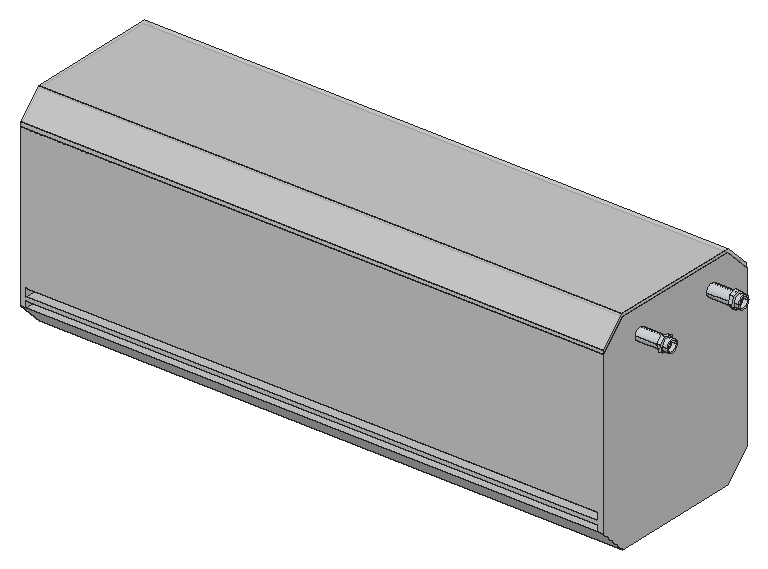
Revit family "Air-Curtain_Climate-Control_PoweredAire_ECE-ST", category Mechanical Equipment, host Face, Revit 2024
Family settings
  Host = Face
  Round Connector Dimension = Use Diameter
  Part Type = Normal
  OmniClass Number = 23.75.35.17.21
  OmniClass Title = Air Curtains
  Cut with Voids When Loaded = No
  Maintain Annotation Orientation = No
  Shared = No
  Room Calculation Point = No
Parameters
  upperrotation [instance] = if(Upper Pipe Connection Side A, 0.00°, 180.00°)  # 0.00°
  lowerrotation [instance] = if(Lower Pipe Connection Side A, 0.00°, 180.00°)  # 0.00°
  locateupperpipe [instance] = if(Upper Pipe Connection Side A, 0.00", Nozzle Width)  # 0.00"
  locatelowerpipe [instance] = if(Lower Pipe Connection Side A, 0.00", Nozzle Width)  # 0.00"
  Upper Pipe Connection Side A [instance] = yes
  Unit Width Notes = "Other Widths available."  # constant formula
  Unit Width = 49.00"
  Unit Weight = 0
  Unit Height = 15.00"
  Unit Depth [instance] = if(Include Filters, 25.875", 23.75")  # 23.75"
  Unit  depth [instance] = 17.50"
  URL = "http://www.poweredaire.com/"
  Specification = ""
  Projection from Host [instance] = 2.00"
  Product Page URL = "https://www.arcat.com/company/powered-aire-inc-47623"
  Power Rating = 0 W
  Piping_Water Flow [instance] = 0 GPM
  Piping_Operating Pressure [instance] = 0.00 psi
  Piping_Exit Temperature [instance] = 0 °F
  Piping_Entry Temperature [instance] = 0 °F
  Pipe OD [instance] = 5/8"
  Nozzle Width = if(1 = 1, Unit Width - 3.00", 0.00")  # 46.00"
  Mounting Width = if(1 = 1, Unit Width - 1.50", 0.00")  # 47.50"
  Mounting Height [instance] = 55.00"
  Motor RPM = 0
  Motor HP = 0
  Motor Count = 0
  Model = "ECE ST"
  Max Height = 0.00"
  Manufacturer = "Powered Aire, Inc"
  Lower Pipe Connection Side A [instance] = yes
  Keynote = "23 34 33"
  Include Filters [instance] = no
  Include Clearance [instance] = yes
  Heating Element Load = 0 W
  HVAC_Temperature Rise [instance] = 0 °F
  HVAC_Outlet Volume [instance] = 0 CFM
  HVAC_Outlet Velocity Uniformity = 0
  HVAC_Outlet Velocity [instance] = 0 FPM
  HVAC_BTU Input = 0.0 Btu/h
  Front Grating Material [instance] = Metal - Steel - PoweredAire - Stainless 304 Perforated
  Frame Finish [instance] = Metal - Steel - PoweredAire - Stainless 304
  Electrical_Wattage [instance] = Power Rating + Heating Element Load  # 0 W
  Electrical_Voltage [instance] = 0 V
  Electrical_Phase [instance] = 1
  Electrical_Frequency [instance] = 0 Hz
  Electrical_Amperage [instance] = 0 A
  Description = ""
  Default Elevation = 0.00"  # constant formula
  Copyright = "©Arcat Inc."
  Clearance_Top [instance] = 20.50"
  Clearance_Side B [instance] = 11.875"
  Clearance_Side A [instance] = 11.875"
  Clearance_Intake [instance] = 8.75"
  Clearance_Bottom [instance] = 12.00"
  Clearance Material [instance] = ARCAT Clearance
  CAD Details = ""
  Assembly Code = "D3090400"
Reference planes (in)
  plane 1 "Center (Elevation)": y = 13.13818
  plane 2: z = 0
  plane 3 "Center (Left/Right)": x = 0
  plane 4 "FF": y = -41.86182
  plane 5: z = 2
  plane 6: x = 24.5
  plane 7: x = -24.5
  plane 8: z = 19.5
  plane 9: z = 17.5
  plane 10: z = 4
  plane 11: z = 11.00407
  plane 12: x = -24
  plane 13: x = 24
  plane 14: y = 20.63818
  plane 15: y = 5.63818
  plane 16: z = 0
Forms (in)
  Extrusion 1, solid, material "Metal - Steel - PoweredAire - Stainless 304" <- "Frame Finish"
    sketch origin (0, 0, 6.73006) x (0, 1, 0) y (0, 0, 1)
      loop
        line (5.63818, -2.73006) -> (7.63818, -4.73006) -> (18.63818, -4.73006) -> (20.63818, -2.73006) -> (20.63818, 10.76994) -> (18.63818, 12.76994) -> (7.63818, 12.76994) -> (5.63818, 10.76994) -> (5.63818, -2.73006)
    from -24.5 to 24.5
  Extrusion 2, void
    sketch origin (0, 0.875, 1) x (0, 1, 0) y (0, 0, 1)
      loop
        line (4.76318, 3) -> (5.76318, 3) -> (5.76318, 4.5) -> (4.76318, 4.5) -> (4.76318, 3.82425) -> (5.61636, 3.82425) -> (5.61636, 3.57425) -> (4.76318, 3.57425) -> (4.76318, 3)
    from -24 to 24
  Extrusion 3, solid
    sketch origin (0, 13.13818, 0) x (1, 0, 0) y (0, 0, 1)
      loop
        line (1.75, 15.38) -> (-1.75, 15.38)
        arc (-1.75, 15.38) -> (-1.92678, 15.30678) -> (-2, 15.13) r 0.25
        line (-2, 15.13) -> (-2, 11.63)
        arc (-2, 11.63) -> (-1.92678, 11.45322) -> (-1.75, 11.38) r 0.25
        line (-1.75, 11.38) -> (1.75, 11.38)
        arc (1.75, 11.38) -> (1.92678, 11.45322) -> (2, 11.63) r 0.25
        line (2, 11.63) -> (2, 15.13)
        arc (2, 15.13) -> (1.92678, 15.30678) -> (1.75, 15.38) r 0.25
    from -9.75 to -7.5
  Extrusion 4, solid, material "Metal - Steel - PoweredAire - Stainless 304 Perforated" <- "Front Grating Material"
    sketch origin (0, 0, 0) x (0, 1, 0) y (0, 0, 1)
      loop
        line (20.63818, 17.5) -> (20.63818, 17.83698) -> (18.73688, 19.73828) -> (7.53948, 19.73828) -> (5.63818, 17.83698) -> (5.63818, 17.5) -> (7.63818, 19.5) -> (18.63818, 19.5) -> (20.63818, 17.5)
    from -24.5 to 24.5
  Extrusion 5, solid
    sketch origin (0, 13.13818, 0) x (1, 0, 0) y (0, 0, 1)
      loop
        circle (1.8, 15.18) r 0.05
      loop
        circle (-1.8, 11.58) r 0.05
    from -9.79 to -9.75
  Extrusion 6, void
    sketch origin (0, 13.13818, 0) x (1, 0, 0) y (0, 0, 1)
      loop
        circle (24, 15.5) r 0.38
      loop
        circle (24, 6) r 0.38
      loop
        circle (-24, 6) r 0.38
      loop
        circle (-24, 15.5) r 0.38
    from -28.84517 to 2.26874
Cuts and joins
  Extrusion 2, Extrusion 6 cuts Extrusion 1
Dimensions and locks (in)
  equal spacing: plane 7, plane 3 "Center (Left/Right)", plane 6
  "Unit Width": plane 7 to plane 6
  locked: plane 7 to plane 12 at 0.5
  locked: plane 13 to plane 6 at 0.5
  equal spacing: plane 15, plane 1 "Center (Elevation)", plane 14
  "Unit Height": plane 15 to plane 14
  plane 14 to plane 1 "Center (Elevation)" to plane 15 = 7.50", 7.50"
  Extrusion 2 sketch curve to Extrusion 2 sketch curve to Extrusion 2 sketch curve to Extrusion 2 sketch curve = 0.67575" locked, 0.25" locked, 0.57425" locked
  locked: Extrusion 2 sketch curve to Extrusion 2 sketch curve at 0.14681
  plane 11 to cut or joined group of Extrusion 1, Extrusion 2, Extrusion 6 = 9.00407"
  locked: plane 14 to Extrusion 3 at 2.25  (x2)
  locked: Extrusion 1 sketch curve to plane 5 at 2  (x2)
  locked: Extrusion 3 sketch curve to Extrusion 3 sketch curve at 4  (x2)
  equal spacing: Extrusion 3 sketch curve, plane 3 "Center (Left/Right)", Extrusion 3 sketch curve
  locked: Extrusion 3 sketch curve to plane 9 at 2.12
  locked: plane 10 to plane 5 at 2
  locked: plane 14 to Extrusion 1 sketch curve at 2
  locked: Extrusion 1 sketch curve to plane 15 at 2
  locked: plane 8 to plane 9 at 2
  "Unit  depth": plane 8 to plane 5
  "Projection from Host": plane 5 to plane 16
  locked: Extrusion 4 sketch curve to cut or joined group of Extrusion 1, Extrusion 2, Extrusion 6 at 0.23828  (x3)
  locked: Extrusion 5 to Extrusion 3 at 0.04
  locked: nested 1 to plane 15 at 3.75027
  locked: nested 2 to plane 14 at 3.75027
  "Mounting Height": plane 1 "Center (Elevation)" to plane 4 "FF"
  aligned and locked: plane 2 to host face
  aligned and locked: level to host face
  aligned and locked: plane 10 to cut or joined group of Extrusion 1, Extrusion 2, Extrusion 6
  aligned and locked: cut or joined group of Extrusion 1, Extrusion 2, Extrusion 6 to plane 10  (x2)
  aligned and locked: plane 8 to cut or joined group of Extrusion 1, Extrusion 2, Extrusion 6
  aligned and locked: plane 9 to cut or joined group of Extrusion 1, Extrusion 2, Extrusion 6
  aligned and locked: cut or joined group of Extrusion 1, Extrusion 2, Extrusion 6 to plane 8
  aligned and locked: cut or joined group of Extrusion 1, Extrusion 2, Extrusion 6 to plane 5
  aligned and locked: host face to plane 16
  aligned and locked: cut or joined group of Extrusion 1, Extrusion 2, Extrusion 6 to plane 7
  aligned and locked: plane 6 to cut or joined group of Extrusion 1, Extrusion 2, Extrusion 6
  aligned and locked: cut or joined group of Extrusion 1, Extrusion 2, Extrusion 6 to plane 12
  aligned and locked: plane 13 to cut or joined group of Extrusion 1, Extrusion 2, Extrusion 6
  aligned and locked: Extrusion 4 sketch curve to plane 8
  aligned and locked: Extrusion 4 to cut or joined group of Extrusion 1, Extrusion 2, Extrusion 6  (x5)
  aligned and locked: plane 14 to Extrusion 3
  aligned and locked: Extrusion 5 to Extrusion 3
  aligned and locked: nested 1 to plane 6
Automatic sketch dimensions
  host sketch curve to host sketch curve = 96.00"  (x2)
  Extrusion 1 sketch curve to plane 15 = 0.00"
  plane 8 to Extrusion 1 sketch curve = 0.00"
  Extrusion 1 sketch curve to plane 5 = 0.00"
  Extrusion 1 sketch curve to plane 9 = 0.00"  (x2)
  plane 15 to Extrusion 1 sketch curve = 2.00"
  plane 14 to Extrusion 1 sketch curve = 2.00"
  plane 10 to Extrusion 2 sketch curve = 0.00"
  Extrusion 2 sketch curve to plane 15 = 0.00"  (x2)
  Extrusion 2 sketch curve to Extrusion 2 sketch curve = 0.85319"
  Extrusion 1 sketch curve to plane 14 = 0.00"
  Extrusion 4 sketch curve to plane 9 = 0.00"  (x2)
  Extrusion 4 sketch curve to plane 14 = 0.00"
  Extrusion 4 sketch curve to Extrusion 4 sketch curve = 0.0987"  (x2)
  Extrusion 4 sketch curve to plane 15 = 0.00"
  Extrusion 3 sketch curve to Extrusion 3 sketch curve = 0.25"  (x4)
  plane 11 to Extrusion 5 sketch curve = 0.57593"
  Extrusion 5 sketch curve to plane 3 "Center (Left/Right)" = 1.80"
  Extrusion 5 sketch curve to plane 9 = 2.32"
  plane 3 "Center (Left/Right)" to Extrusion 5 sketch curve = 1.80"
  Extrusion 6 sketch curve to plane 12 = 0.00"  (x2)
  Extrusion 6 sketch curve to plane 13 = 0.00"  (x2)
  Extrusion 6 sketch curve to plane 10 = 2.00"  (x2)
  Extrusion 6 sketch curve to plane 9 = 2.00"  (x2)
  radius of Extrusion 5 sketch curve = 0.05"  (x2)
  radius of Extrusion 6 sketch curve = 0.38"  (x4)
Nested families (in)
  nested 1: "Valve" at (24.5, 9.38845, 30.15595) x (0, 1, 0) z (1, 0, 0), type "Valve"
    with upperpiperotation 0.00°, lowerpiperotation 0.00°, locateupperpipe 0.00", locatelowerpipe 0.00", Upper Pipe Connection Side A yes, Projection from Host 4.00", Piping_Water Flow 0 GPM, Piping_Operating Pressure 0.00 psi, Piping_Exit Temperature 0 °F, Piping_Entry Temperature 0 °F, Pipe OD 5/8", Mounting Height 42.00", Lower Pipe Connection Side A yes, Include Clearance yes, Front Grating Material Metal - Steel - PoweredAire - White Perforated, Frame Finish Metal - Steel - PoweredAire - Stainless 304, Electrical_Wattage 0 W, Electrical_Voltage 0 V, Electrical_Phase 1, Electrical_Frequency 0 Hz, Electrical_Amperage 0 A, Cover Finish Metal - Steel - PoweredAire - White, Clearance_Top 0.00", Clearance_Side B 0.00", Clearance_Side A 0.00", Clearance_Intake 0.00", Clearance_Front 43.00", Clearance Material ARCAT Clearance
  nested 2: "Valve" at (24.5, 16.88791, 30.15595) x (0, -1, 0) z (1, 0, 0), type "Valve"
    with upperpiperotation 0.00°, lowerpiperotation 0.00°, locateupperpipe 0.00", locatelowerpipe 0.00", Upper Pipe Connection Side A yes, Projection from Host 4.00", Piping_Water Flow 0 GPM, Piping_Operating Pressure 0.00 psi, Piping_Exit Temperature 0 °F, Piping_Entry Temperature 0 °F, Pipe OD 5/8", Mounting Height 42.00", Lower Pipe Connection Side A yes, Include Clearance yes, Front Grating Material Metal - Steel - PoweredAire - White Perforated, Frame Finish Metal - Steel - PoweredAire - Stainless 304, Electrical_Wattage 0 W, Electrical_Voltage 0 V, Electrical_Phase 1, Electrical_Frequency 0 Hz, Electrical_Amperage 0 A, Cover Finish Metal - Steel - PoweredAire - White, Clearance_Top 0.00", Clearance_Side B 0.00", Clearance_Side A 0.00", Clearance_Intake 0.00", Clearance_Front 43.00", Clearance Material ARCAT Clearance
Definition of nested family "Valve"
  Parameters (values of type "Valve")
    upperpiperotation [instance] = if(Upper Pipe Connection Side A, 0.00°, 180.00°)  # 0.00°
    lowerpiperotation [instance] = if(Lower Pipe Connection Side A, 0.00°, 180.00°)  # 0.00°
    locateupperpipe [instance] = if(Upper Pipe Connection Side A, 0.00", Nozzle Width)  # 0.00"
    locatelowerpipe [instance] = if(Lower Pipe Connection Side A, 0.00", Nozzle Width)  # 0.00"
    Upper Pipe Connection Side A [instance] = yes
    Unit Width Notes = "Other Widths available."  # constant formula
    Unit Width = 73.00"
    Unit Weight = 0
    Unit Height = 15.00"
    Unit Depth = 17.00"
    URL = "http://www.poweredaire.com/"
    Specification = ""
    Projection from Host [instance] = 4.00"
    Product Page URL = "https://www.arcat.com/company/powered-aire-inc-47623"
    Power Rating = 0 W
    Piping_Water Flow [instance] = 0 GPM
    Piping_Operating Pressure [instance] = 0.00 psi
    Piping_Exit Temperature [instance] = 0 °F
    Piping_Entry Temperature [instance] = 0 °F
    Pipe OD [instance] = 5/8"
    Nozzle Width = if(1 = 1, Unit Width - 3.00", 0.00")  # 70.00"
    Mounting Width = if(1 = 1, Unit Width - 1.50", 0.00")  # 71.50"
    Mounting Height [instance] = 42.00"
    Motor RPM = 0
    Motor HP = 0
    Motor Count = 0
    Model = "CLD CHD HW ST"
    Max Height = 0.00"
    Manufacturer = "Powered Aire, Inc"
    Lower Pipe Connection Side A [instance] = yes
    Keynote = "23 34 33"
    Junction Height = 1.77"
    Include Clearance [instance] = yes
    Heating Element Load = 0 W
    HVAC_Temperature Rise = 0 °F
    HVAC_Outlet Volume = 0 CFM
    HVAC_Outlet Velocity Uniformity = 0
    HVAC_Outlet Velocity = 0 FPM
    HVAC_BTU Input = 0.0 Btu/h
    Front Grating Material [instance] = none
    Frame Finish [instance] = none
    Electrical_Wattage [instance] = Power Rating + Heating Element Load  # 0 W
    Electrical_Voltage [instance] = 0 V
    Electrical_Phase [instance] = 1
    Electrical_Frequency [instance] = 0 Hz
    Electrical_Amperage [instance] = 0 A
    Description = ""
    Default Elevation = 0.00"  # constant formula
    Cover Finish [instance] = none
    Copyright = "©Arcat Inc."
    Clearance_Top [instance] = 0.00"
    Clearance_Side B [instance] = 0.00"
    Clearance_Side A [instance] = 0.00"
    Clearance_Intake [instance] = 0.00"
    Clearance_Front [instance] = 43.00"
    Clearance Material [instance] = none
    CAD Details = ""
    Assembly Code = "D3090400"
  Reference planes (in)
    plane 1 "Center (Elevation)": y = -12.65595
    plane 2: z = 0
    plane 3 "Center (Left/Right)": x = 0
  Forms (in)
    Extrusion 1, solid
      sketch origin (0, 0, 0) x (1, 0, 0) y (0, 1, 0)
        loop
          line (-60, 48) -> (-60, -48) -> (63.22671, -48) -> (63.22671, 48) -> (-60, 48)
      from 0 to -12
    Extrusion 2, solid
      sketch origin (0, 0, 0) x (1, 0, 0) y (0, 1, 0)
        loop
          circle (0, -12.65595) r 0.45
        loop
          circle (0, -12.65595) r 0.5
      from 0 to 2.75
    Extrusion 3, solid
      sketch origin (0, 0, 0) x (1, 0, 0) y (0, 1, 0)
        loop
          line (0.64691, -12.82929) -> (0.47357, -12.18238) -> (-0.17334, -12.00904) -> (-0.64691, -12.48261) -> (-0.47357, -13.12952) -> (0.17334, -13.30286) -> (0.64691, -12.82929)
        loop
          circle (0, -12.65595) r 0.5
      from 1.99342 to 2.31497
  Dimensions and locks (in)
    aligned and locked: plane 2 to Extrusion 1
    aligned and locked: level to Extrusion 1
